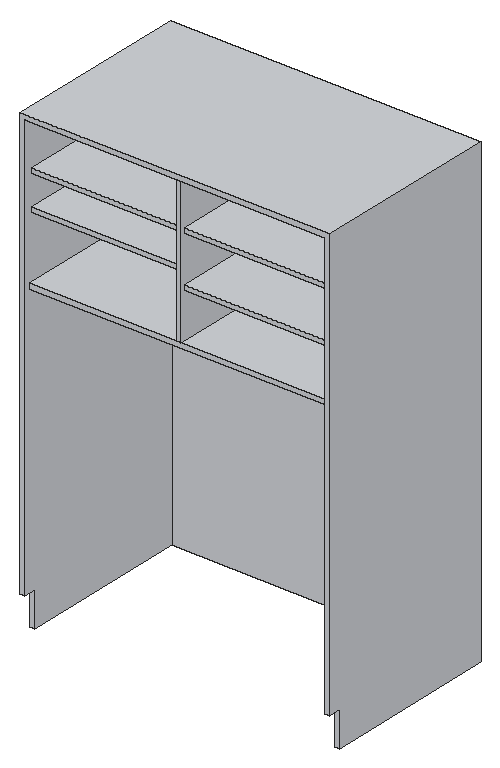
Revit family "Orff Garage", category Furniture, Revit 2011
Parameters (values of type "Standard Cabinet #60")
  URL = "http://www.wengercorp.com/Home/Contact.html"
  Toekick Material [instance] = none
  RH End Panel [instance] = no
  Model = "60"
  Manufacturer = "Wenger Corporation"
  LH End Panel [instance] = no
  End Panel Material [instance] = none
  Edge Banding Material [instance] = none
  Door Material [instance] = none
  Description = "Standard Cabinet #60"
  Cabinet Width = 1' - 6 3/4"
  Cabinet Label = Labels : Standard
  Cabinet Height = 3' - 2 5/16"
  Cabinet Depth = 2' - 5 1/4"
  Cabinet Back Thickness = 0' - 0 3/4"
  Assembly Code = ""
Types (4): name | Model | Description | Cabinet Width | Cabinet Label | Cabinet Depth | Cabinet Back Thickness
  Standard Cabinet #60 | "60" | "Standard Cabinet #60" | 1' - 6 3/4" | Labels : Standard | 2' - 5 1/4" | 0' - 0 3/4"
  Acoustic Cabinet #60 | "60A" | "Acoustic Cabinet #60" | 1' - 6 3/4" | Labels : Acoustic | 2' - 7 3/4" | 0' - 3 1/4"
  Narrow Acoustic Cabinet #60 | "60NA" | "Narrow Acoustic Cabinet #60" | 1' - 2 3/4" | Labels : Narrow Acoustic | 2' - 7 3/4" | 0' - 3 1/4"
  Narrow Cabinet #60 | "60N" | "Narrow Cabinet #60" | 1' - 2 3/4" | Labels : Narrow | 2' - 5 1/4" | 0' - 0 3/4"
Reference planes (in)
  plane 1 "Front": y = -12.6937
  plane 2: z = 0
  plane 3 "Left": x = -10.13898
  plane 4 "Top": z = 72.25
  plane 5: z = 5.5
  plane 6: x = -10.88898
  plane 7: x = 36.86813
  plane 8: y = -11.9437
  plane 9: y = 16.8063
  plane 10: z = 73
  plane 11 "Right Work Plane": x = 37.61813
  plane 12: y = 16.0563
  plane 13: z = 6.25
  plane 14: z = 57
  plane 15: z = 56.25
  plane 16: z = 49.00816
  plane 17: z = 48.25816
  plane 18: y = -10.6937
  plane 19: z = 65
  plane 20: z = 64.25
  plane 21: x = 12.9811
  plane 22: x = 13.7311
  plane 23: z = 59.5
  plane 24: z = 58.75
  plane 25: y = -11.4437
Forms (in)
  Extrusion 1, solid
    sketch origin (-2.63258, 0, 0) x (0, 1, 0) y (0, 0, 1)
      loop
        line (16.8063, 73) -> (-12.6937, 73) -> (-12.6937, 5.5) -> (-10.6937, 5.5) -> (-10.6937, 0) -> (16.8063, 0) -> (16.8063, 73)
    from -8.25639 to 40.24716
  Extrusion 2, void
    sketch origin (37.61813, 0, 0) x (0, 1, 0) y (0, 0, 1)
      loop
        line (-24, 0) -> (16.0563, 0) -> (16.0563, 48.25816) -> (-11.9437, 48.25816) -> (-11.9437, 49.00816) -> (-24, 49.00816) -> (-24, 0)
    from -47.7571 to -0.75
  Extrusion 3, void
    sketch origin (37.61813, 0, 0) x (0, 1, 0) y (0, 0, 1)
      loop
        line (-23.9437, 49.00816) -> (16.0563, 49.00816) -> (16.0563, 56.25) -> (-11.4437, 56.25) -> (-11.4437, 57) -> (16.0563, 57) -> (16.0563, 64.25) -> (-11.4437, 64.25) -> (-11.4437, 65) -> (16.0563, 65) -> (16.0563, 72.25) -> (-23.9437, 72.25) -> (-23.9437, 49.00816)
    from -23.88702 to -0.75
  Extrusion 4, void
    sketch origin (37.61813, 0, 0) x (0, 1, 0) y (0, 0, 1)
      loop
        line (-22.6937, 49.00816) -> (16.0563, 49.00816) -> (16.0563, 58.75) -> (-11.4437, 58.75) -> (-11.4437, 59.5) -> (16.0563, 59.5) -> (16.0563, 64.25) -> (-11.4437, 64.25) -> (-11.4437, 65) -> (16.0563, 65) -> (16.0563, 72.25) -> (-22.6937, 72.25) -> (-22.6937, 49.00816)
    from -47.7571 to -24.63702
  Extrusion 5, void
    sketch origin (37.61813, 0, 0) x (0, 1, 0) y (0, 0, 1)
      loop
        line (-16.6937, 49.00816) -> (-11.92096, 49.00816) -> (-11.92096, 72.25) -> (-16.6937, 72.25) -> (-16.6937, 49.00816)
    from -24.63702 to -23.88702
Cuts and joins
  Extrusion 2, Extrusion 3, Extrusion 4, Extrusion 5 cuts Extrusion 1
Dimensions and locks (in)
  locked: plane 3 "Left" to plane 6 at 0.75
  plane 5 to level = 0' - 5 1/2"
  level to plane 4 "Top" = 6' - 0 1/4"
  plane 11 "Right Work Plane" to plane 6 = 4' - 0.5071"
  locked: plane 7 to plane 11 "Right Work Plane" at 0.75
  Extrusion 1 to Extrusion 1 = 2' - 5 1/2"
  locked: Extrusion 1 to Extrusion 1 at 73
  plane 10 to plane 16 = 1' - 11.99184"
  locked: plane 11 "Right Work Plane" to plane 7 at 0.75
  plane 11 "Right Work Plane" to plane 3 "Left" = 3' - 11.7571"
  Extrusion 1 to Extrusion 1 = 4' - 0.50355"
  locked: Extrusion 1 to Extrusion 1 at 29.5
  plane 10 to plane 14 to plane 16 to plane 13 = 1' - 4", 0' - 7.99184", 3' - 6.75816"
  plane 10 to plane 19 = 0' - 8"  (x2)
  locked: plane 6 to plane 3 "Left" at 0.75
  plane 3 "Left" to plane 22 to plane 11 "Right Work Plane" = 1' - 11.87008", 1' - 11.88702"
  locked: plane 21 to plane 22 at 0.75
  plane 6 to plane 11 "Right Work Plane" = 4' - 0.5071"
  locked: plane 10 to plane 4 "Top" at 0.75
  locked: plane 19 to plane 20 at 0.75
  locked: plane 14 to plane 15 at 0.75
  locked: plane 16 to plane 17 at 0.75
  plane 19 to plane 14 = 0' - 8"
  plane 14 to plane 16 = 0' - 7.99184"
  locked: plane 23 to plane 24 at 0.75
  plane 19 to plane 23 = 0' - 5 1/2"
  plane 10 to level = 6' - 1"
Nested families (in)
  nested 1: "Labels" at (13.34236, 1.59943, 0), type "Acoustic"
  nested 2: "Front Note" at (13.44916, -12.58537, 0), type "Front Note", detail levels medium+fine
Definition of nested family "Labels"
  Parameters (values of type "Standard")
    Cabinet Label = "01"
  Types (4): name | Cabinet Label
    Standard | "01"
    Narrow | "01N"
    Narrow Acoustic | "01NA"
    Acoustic | "01A"
  Reference planes (in)
    plane 1: y = 0
    plane 2: x = 0
  Text (in)
    label "xxxx" at (-0.00018, 0.00754, 0), shows "Cabinet Label"
Definition of nested family "Front Note"
  Parameters (values of type "Front Note")
    Cabinet Label = "Front"
  Reference planes (in)
    plane 1: y = 0
    plane 2: x = 0
  Text (in)
    label "Front" at (-0.00018, 0.00754, 0), shows "Cabinet Label"
